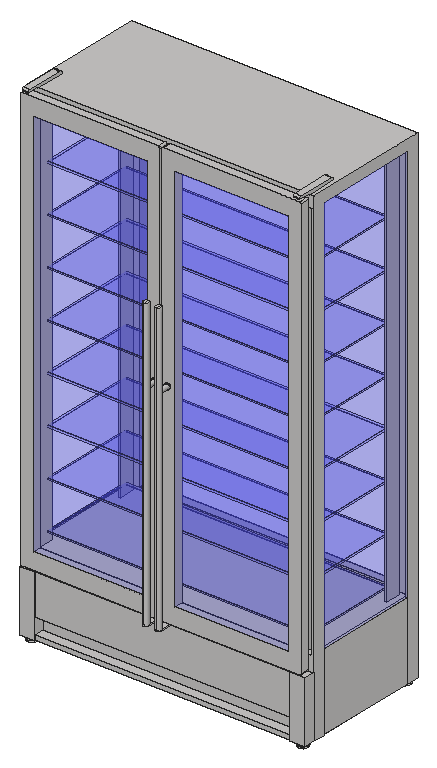
Revit family "Food-Service-Equipment_Oscartek_PIIGS1390", category Specialty Equipment, Revit 2026 (continued)
Nested families (in)
  nested 1: "ST. SL. WINE RACK" at (0.25, 0.6752, 16.26604), visible <- "Show SS Wine Rack", type "ST. SL. WINE RACK"
    with Type Mark "", Status "", Specification by User "", Revision Code "", Length 27.75", Item Number "", Installed By "", Identify Quantity as Lot yes, Furnished By "", Foodservice Equipment Identifier yes
  nested 2: "ST. SL. WINE RACK" at (54.5, 0.6752, 16.26604) x (-1, 0, 0) z (0, 0, 1), visible <- "Show SS Wine Rack", type "ST. SL. WINE RACK"
    with Type Mark "", Status "", Specification by User "", Revision Code "", Length 27.75", Item Number "", Installed By "", Identify Quantity as Lot yes, Furnished By "", Foodservice Equipment Identifier yes
  nested 3: "PLEXI GLASS WINE STRUCTURE" at (38.42517, 0, 16.26604), visible <- "Show Plexi Glass Wine Rack", type "PLEXI GLASS WINE STRUCTURE"
    with Type Mark "", Status "", Specification by User "", Revision Code "", Item Number "", Installed By "", Identify Quantity as Lot yes, Furnished By "", Foodservice Equipment Identifier yes
  nested 4: "PLEXI GLASS WINE STRUCTURE" at (16.07483, 0, 16.26604) x (-1, 0, 0) z (0, 0, 1), visible <- "Show Plexi Glass Wine Rack", type "PLEXI GLASS WINE STRUCTURE"
    with Type Mark "", Status "", Specification by User "", Revision Code "", Item Number "", Installed By "", Identify Quantity as Lot yes, Furnished By "", Foodservice Equipment Identifier yes
Connectors (in)
  piping at (49.97676, -6.90952, 0.70019), diameter 1
    settings: on Extrusion 28, index 4, connector inside diameter 1", connector length 0.00", flow factor 0, pipe flow 0 GPM, pressure drop 0.00 psi, fitting loss kfactor 0, connector angle 0.00°, fixture units 0, engagement length 0.00", angle of deflection 0.00°, flow configuration 1, flow direction 2, fitting loss method 0, system type 16, joint type 0, gender type 0, connector reference index -1, connector utility 0, adjustable connector no, is connector primary yes, connector description "DRAIN"
  piping at (4.86333, -6.90952, 0.70019), diameter 1
    settings: on Extrusion 28, index 5, connector inside diameter 1", connector length 0.00", flow factor 0, pipe flow 0 GPM, pressure drop 0.00 psi, fitting loss kfactor 0, connector angle 0.00°, fixture units 0, engagement length 0.00", angle of deflection 0.00°, flow configuration 1, flow direction 2, fitting loss method 0, system type 16, joint type 0, gender type 0, connector reference index -1, connector utility 0, adjustable connector no, is connector primary no, connector description "DRAIN"
  electrical at (27.46589, 0, 8.2905), driven by "Volts", driven by "Watts"
    settings: on Extrusion 29, index 6, voltage 220 V, apparent load 1760 VA, apparent load phase1 0 VA, apparent load phase2 0 VA, apparent load phase3 0 VA, power factor 1, load classification "Other", number of poles 1, system type 30, power factor state 1, is connector primary yes, connector utility no, sub classification motor no, connector description "ELECTRICAL CONNECTION"
Definition of nested family "ST. SL. WINE RACK"
  Parameters
    Weight in Pounds = 0
    URL Cutsheet = "www.oscartek.com"
    URL = "www.oscartek.com"
    Type Mark [instance] = ""
    Status [instance] = ""
    Specification by User [instance] = ""
    Specification by Manufacturer = ""
    Serial Number = ""
    Seismic Rating = ""
    SMACNA No = ""
    Revision Code [instance] = ""
    Omniclass Number and Title = ""
    NAFEM Spec ID Number = ""
    Model = "PIIGS702"
    Masterspec = ""
    Manufacturer = "OSCARTEK"
    Length [instance] = 27.75"
    Item Number [instance] = ""
    Installed By [instance] = ""
    Identify Quantity as Lot [instance] = yes
    Furnished By [instance] = ""
    Foodservice Equipment Identifier [instance] = yes
    Description = "STAINLESS STEEL WINE RACK"
    Default Elevation = 0.00"
    CSI MasterFormat = ""
    CSI Master Format = ""
  Reference planes (in)
    plane 1 "BACK": y = 0
    plane 2: z = 0
    plane 3 "LEFT": x = 0
    plane 4 "RIGHT": x = 27.75
    plane 5 "FRONT": y = -27.09443
    plane 6 "TOP": z = 76.61434
    plane 7 "Center Y": x = 13.875
    plane 8 "Center X": y = -13.54722
    plane 9: z = 60.59836
    plane 10 "Left Offset": x = 1.6437
    plane 11 "Right Offset": x = 26.1063
  Forms (in)
    Extrusion 1, solid
      sketch origin (103.23759, -103.23759, -15.62989) x (1, 0, 0) y (0, 0, 1)
        loop
          line (-101.0939, 17.79524) -> (-101.0939, 17.40154) -> (-77.63129, 17.40154) -> (-77.63129, 17.79524) -> (-101.0939, 17.79524)
        loop
          line (-101.0939, 76.62195) -> (-101.0939, 76.22825) -> (-77.63129, 76.22825) -> (-77.63129, 76.62195) -> (-101.0939, 76.62195)
      from -99.17263 to -80.27503
    Extrusion 2, solid
      sketch origin (26.1063, 0, -15.62989) x (0, 1, 0) y (0, 0, -1)
        loop
          line (-2.25, -92.24423) -> (-2.25, -15.62989) -> (-5.1496, -15.62989) -> (-5.1496, -92.24423) -> (-2.25, -92.24423)
        loop
          line (-24.74405, -15.62989) -> (-24.74405, -92.24423) -> (-21.81922, -92.24423) -> (-21.81922, -15.62989) -> (-24.74405, -15.62989)
      from 0 to 0.5
    Extrusion 3, solid
      sketch origin (1.6437, 0, -15.62989) x (0, 1, 0) y (0, 0, 1)
        loop
          line (-2.25, 92.24423) -> (-5.1496, 92.24423) -> (-5.1496, 15.62989) -> (-2.25, 15.62989) -> (-2.25, 92.24423)
        loop
          line (-24.74405, 15.62989) -> (-21.81922, 15.62989) -> (-21.81922, 92.24423) -> (-24.74405, 92.24423) -> (-24.74405, 15.62989)
      from 0 to 0.5
    Extrusion 4, solid
      sketch origin (0, -0.52704, -15.62989) x (0, 1, 0) y (0, 0, 1)
        loop
          circle (-3.02432, 68.04267) r 0.19677
        loop
          circle (-5.38555, 66.27175) r 0.19677
        loop
          circle (-13.02018, 68.04267) r 0.19677
        loop
          circle (-23.01604, 68.04267) r 0.19677
        loop
          circle (-20.65481, 66.27175) r 0.19677
        loop
          circle (-3.02432, 58.9913) r 0.19677
        loop
          circle (-5.38555, 57.22038) r 0.19677
        loop
          circle (-13.02018, 58.9913) r 0.19677
        loop
          circle (-23.01604, 58.9913) r 0.19677
        loop
          circle (-20.65481, 57.22038) r 0.19677
        loop
          circle (-3.02432, 49.93993) r 0.19677
        loop
          circle (-5.38555, 48.16901) r 0.19677
        loop
          circle (-13.02018, 49.93993) r 0.19677
        loop
          circle (-23.01604, 49.93993) r 0.19677
        loop
          circle (-20.65481, 48.16901) r 0.19677
        loop
          circle (-3.02432, 40.88856) r 0.19677
        loop
          circle (-5.38555, 39.11764) r 0.19677
        loop
          circle (-13.02018, 40.88856) r 0.19677
        loop
          circle (-23.01604, 40.88856) r 0.19677
        loop
          circle (-20.65481, 39.11764) r 0.19677
        loop
          circle (-3.02432, 31.8372) r 0.19677
        loop
          circle (-5.38555, 30.06628) r 0.19677
        loop
          circle (-13.02018, 31.8372) r 0.19677
        loop
          circle (-23.01604, 31.8372) r 0.19677
        loop
          circle (-20.65481, 30.06628) r 0.19677
        loop
          circle (-3.02432, 22.78583) r 0.19677
        loop
          circle (-5.38555, 21.01491) r 0.19677
        loop
          circle (-13.02018, 22.78583) r 0.19677
        loop
          circle (-23.01604, 22.78583) r 0.19677
        loop
          circle (-20.65481, 21.01491) r 0.19677
      from 2.1437 to 25.6063
    Extrusion 5, solid
      sketch origin (2.1437, 0, -15.62989) x (0, 1, 0) y (0, 0, 1)
        loop
          arc (-6.09419, 47.67188) -> (-5.9017, 47.61923) -> (-5.70395, 47.64606) r 0.5
          arc (-5.70395, 47.64606) -> (-4.72625, 48.12124) -> (-3.88488, 48.80956) r 4.6702
          line (-3.88488, 48.80956) -> (-3.88488, 48.71325)
          arc (-3.88488, 48.71325) -> (-3.84111, 48.64272) -> (-3.75848, 48.65063) r 0.07871
          arc (-3.75848, 48.65063) -> (-3.23021, 49.29086) -> (-3.04101, 50.09904) r 1.82073
          arc (-3.04101, 50.09904) -> (-3.14389, 50.3474) -> (-3.39225, 50.45028) r 0.35124
          line (-3.39225, 50.45028) -> (-3.69222, 50.42404) -> (-23.40221, 50.42404) -> (-23.70218, 50.45028)
          arc (-23.70218, 50.45028) -> (-23.95055, 50.3474) -> (-24.05342, 50.09904) r 0.35124
          arc (-24.05342, 50.09904) -> (-23.86423, 49.29086) -> (-23.33595, 48.65063) r 1.82073
          arc (-23.33595, 48.65063) -> (-23.25332, 48.64272) -> (-23.20955, 48.71325) r 0.07871
          line (-23.20955, 48.71325) -> (-23.20955, 48.80956)
          arc (-23.20955, 48.80956) -> (-22.36819, 48.12124) -> (-21.39049, 47.64606) r 4.6702
          arc (-21.39049, 47.64606) -> (-21.19274, 47.61923) -> (-21.00025, 47.67188) r 0.5
          arc (-21.00025, 47.67188) -> (-18.35049, 48.73455) -> (-15.55738, 49.32529) r 16.52537
          arc (-15.55738, 49.32529) -> (-12.90631, 49.43558) -> (-10.27177, 49.12015) r 16.52537
          arc (-10.27177, 49.12015) -> (-8.13432, 48.53636) -> (-6.09419, 47.67188) r 16.52537
        loop
          arc (-6.09419, 56.72325) -> (-5.9017, 56.6706) -> (-5.70395, 56.69743) r 0.5
          arc (-5.70395, 56.69743) -> (-4.72625, 57.1726) -> (-3.88488, 57.86093) r 4.6702
          line (-3.88488, 57.86093) -> (-3.88488, 57.76461)
          arc (-3.88488, 57.76461) -> (-3.84111, 57.69409) -> (-3.75848, 57.702) r 0.07871
          arc (-3.75848, 57.702) -> (-3.23021, 58.34222) -> (-3.04101, 59.15041) r 1.82073
          arc (-3.04101, 59.15041) -> (-3.14389, 59.39877) -> (-3.39225, 59.50165) r 0.35124
          line (-3.39225, 59.50165) -> (-3.69222, 59.4754) -> (-23.40221, 59.4754) -> (-23.70218, 59.50165)
          arc (-23.70218, 59.50165) -> (-23.95055, 59.39877) -> (-24.05342, 59.15041) r 0.35124
          arc (-24.05342, 59.15041) -> (-23.86423, 58.34222) -> (-23.33595, 57.702) r 1.82073
          arc (-23.33595, 57.702) -> (-23.25332, 57.69409) -> (-23.20955, 57.76461) r 0.07871
          line (-23.20955, 57.76461) -> (-23.20955, 57.86093)
          arc (-23.20955, 57.86093) -> (-22.36819, 57.1726) -> (-21.39049, 56.69743) r 4.6702
          arc (-21.39049, 56.69743) -> (-21.19274, 56.6706) -> (-21.00025, 56.72325) r 0.5
          arc (-21.00025, 56.72325) -> (-18.35049, 57.78591) -> (-15.55738, 58.37666) r 16.52537
          arc (-15.55738, 58.37666) -> (-12.90631, 58.48694) -> (-10.27177, 58.17152) r 16.52537
          arc (-10.27177, 58.17152) -> (-8.13432, 57.58773) -> (-6.09419, 56.72325) r 16.52537
        loop
          arc (-6.09419, 65.77462) -> (-5.9017, 65.72197) -> (-5.70395, 65.7488) r 0.5
          arc (-5.70395, 65.7488) -> (-4.72625, 66.22397) -> (-3.88488, 66.9123) r 4.6702
          line (-3.88488, 66.9123) -> (-3.88488, 66.81598)
          arc (-3.88488, 66.81598) -> (-3.84111, 66.74545) -> (-3.75848, 66.75337) r 0.07871
          arc (-3.75848, 66.75337) -> (-3.23021, 67.39359) -> (-3.04101, 68.20178) r 1.82073
          arc (-3.04101, 68.20178) -> (-3.14389, 68.45014) -> (-3.39225, 68.55302) r 0.35124
          line (-3.39225, 68.55302) -> (-3.69222, 68.52677) -> (-23.40221, 68.52677) -> (-23.70218, 68.55302)
          arc (-23.70218, 68.55302) -> (-23.95055, 68.45014) -> (-24.05342, 68.20178) r 0.35124
          arc (-24.05342, 68.20178) -> (-23.86423, 67.39359) -> (-23.33595, 66.75337) r 1.82073
          arc (-23.33595, 66.75337) -> (-23.25332, 66.74545) -> (-23.20955, 66.81598) r 0.07871
          line (-23.20955, 66.81598) -> (-23.20955, 66.9123)
          arc (-23.20955, 66.9123) -> (-22.36819, 66.22397) -> (-21.39049, 65.7488) r 4.6702
          arc (-21.39049, 65.7488) -> (-21.19274, 65.72197) -> (-21.00025, 65.77462) r 0.5
          arc (-21.00025, 65.77462) -> (-18.35049, 66.83728) -> (-15.55738, 67.42803) r 16.52537
          arc (-15.55738, 67.42803) -> (-12.90631, 67.53831) -> (-10.27177, 67.22288) r 16.52537
          arc (-10.27177, 67.22288) -> (-8.13432, 66.6391) -> (-6.09419, 65.77462) r 16.52537
        loop
          arc (-6.09419, 38.62051) -> (-5.9017, 38.56787) -> (-5.70395, 38.59469) r 0.5
          arc (-5.70395, 38.59469) -> (-4.72625, 39.06987) -> (-3.88488, 39.7582) r 4.6702
          line (-3.88488, 39.7582) -> (-3.88488, 39.66188)
          arc (-3.88488, 39.66188) -> (-3.84111, 39.59135) -> (-3.75848, 39.59927) r 0.07871
          arc (-3.75848, 39.59927) -> (-3.23021, 40.23949) -> (-3.04101, 41.04767) r 1.82073
          arc (-3.04101, 41.04767) -> (-3.14389, 41.29604) -> (-3.39225, 41.39891) r 0.35124
          line (-3.39225, 41.39891) -> (-3.69222, 41.37267) -> (-23.40221, 41.37267) -> (-23.70218, 41.39891)
          arc (-23.70218, 41.39891) -> (-23.95055, 41.29604) -> (-24.05342, 41.04767) r 0.35124
          arc (-24.05342, 41.04767) -> (-23.86423, 40.23949) -> (-23.33595, 39.59927) r 1.82073
          arc (-23.33595, 39.59927) -> (-23.25332, 39.59135) -> (-23.20955, 39.66188) r 0.07871
          line (-23.20955, 39.66188) -> (-23.20955, 39.7582)
          arc (-23.20955, 39.7582) -> (-22.36819, 39.06987) -> (-21.39049, 38.59469) r 4.6702
          arc (-21.39049, 38.59469) -> (-21.19274, 38.56787) -> (-21.00025, 38.62051) r 0.5
          arc (-21.00025, 38.62051) -> (-18.35049, 39.68318) -> (-15.55738, 40.27393) r 16.52537
          arc (-15.55738, 40.27393) -> (-12.90631, 40.38421) -> (-10.27177, 40.06878) r 16.52537
          arc (-10.27177, 40.06878) -> (-8.13432, 39.485) -> (-6.09419, 38.62051) r 16.52537
        loop
          arc (-6.09419, 29.56915) -> (-5.9017, 29.5165) -> (-5.70395, 29.54333) r 0.5
          arc (-5.70395, 29.54333) -> (-4.72625, 30.0185) -> (-3.88488, 30.70683) r 4.6702
          line (-3.88488, 30.70683) -> (-3.88488, 30.61051)
          arc (-3.88488, 30.61051) -> (-3.84111, 30.53998) -> (-3.75848, 30.5479) r 0.07871
          arc (-3.75848, 30.5479) -> (-3.23021, 31.18812) -> (-3.04101, 31.99631) r 1.82073
          arc (-3.04101, 31.99631) -> (-3.14389, 32.24467) -> (-3.39225, 32.34755) r 0.35124
          line (-3.39225, 32.34755) -> (-3.69222, 32.3213) -> (-23.40221, 32.3213) -> (-23.70218, 32.34755)
          arc (-23.70218, 32.34755) -> (-23.95055, 32.24467) -> (-24.05342, 31.99631) r 0.35124
          arc (-24.05342, 31.99631) -> (-23.86423, 31.18812) -> (-23.33595, 30.5479) r 1.82073
          arc (-23.33595, 30.5479) -> (-23.25332, 30.53998) -> (-23.20955, 30.61051) r 0.07871
          line (-23.20955, 30.61051) -> (-23.20955, 30.70683)
          arc (-23.20955, 30.70683) -> (-22.36819, 30.0185) -> (-21.39049, 29.54333) r 4.6702
          arc (-21.39049, 29.54333) -> (-21.19274, 29.5165) -> (-21.00025, 29.56915) r 0.5
          arc (-21.00025, 29.56915) -> (-18.35049, 30.63181) -> (-15.55738, 31.22256) r 16.52537
          arc (-15.55738, 31.22256) -> (-12.90631, 31.33284) -> (-10.27177, 31.01741) r 16.52537
          arc (-10.27177, 31.01741) -> (-8.13432, 30.43363) -> (-6.09419, 29.56915) r 16.52537
        loop
          arc (-6.09419, 20.51778) -> (-5.9017, 20.46513) -> (-5.70395, 20.49196) r 0.5
          arc (-5.70395, 20.49196) -> (-4.72625, 20.96713) -> (-3.88488, 21.65546) r 4.6702
          line (-3.88488, 21.65546) -> (-3.88488, 21.55915)
          arc (-3.88488, 21.55915) -> (-3.84111, 21.48862) -> (-3.75848, 21.49653) r 0.07871
          arc (-3.75848, 21.49653) -> (-3.23021, 22.13675) -> (-3.04101, 22.94494) r 1.82073
          arc (-3.04101, 22.94494) -> (-3.14389, 23.1933) -> (-3.39225, 23.29618) r 0.35124
          line (-3.39225, 23.29618) -> (-3.69222, 23.26994) -> (-23.40221, 23.26994) -> (-23.70218, 23.29618)
          arc (-23.70218, 23.29618) -> (-23.95055, 23.1933) -> (-24.05342, 22.94494) r 0.35124
          arc (-24.05342, 22.94494) -> (-23.86423, 22.13675) -> (-23.33595, 21.49653) r 1.82073
          arc (-23.33595, 21.49653) -> (-23.25332, 21.48862) -> (-23.20955, 21.55915) r 0.07871
          line (-23.20955, 21.55915) -> (-23.20955, 21.65546)
          arc (-23.20955, 21.65546) -> (-22.36819, 20.96713) -> (-21.39049, 20.49196) r 4.6702
          arc (-21.39049, 20.49196) -> (-21.19274, 20.46513) -> (-21.00025, 20.51778) r 0.5
          arc (-21.00025, 20.51778) -> (-18.35049, 21.58044) -> (-15.55738, 22.17119) r 16.52537
          arc (-15.55738, 22.17119) -> (-12.90631, 22.28148) -> (-10.27177, 21.96605) r 16.52537
          arc (-10.27177, 21.96605) -> (-8.13432, 21.38226) -> (-6.09419, 20.51778) r 16.52537
        loop
          circle (-3.55136, 68.04267) r 0.19677
        loop
          circle (-5.91259, 66.27175) r 0.19677
        loop
          circle (-13.54722, 68.04267) r 0.19677
        loop
          circle (-23.54307, 68.04267) r 0.19677
        loop
          circle (-21.18185, 66.27175) r 0.19677
        loop
          circle (-3.55136, 58.9913) r 0.19677
        loop
          circle (-5.91259, 57.22038) r 0.19677
        loop
          circle (-13.54722, 58.9913) r 0.19677
        loop
          circle (-23.54307, 58.9913) r 0.19677
        loop
          circle (-21.18185, 57.22038) r 0.19677
        loop
          circle (-3.55136, 49.93993) r 0.19677
        loop
          circle (-5.91259, 48.16901) r 0.19677
        loop
          circle (-13.54722, 49.93993) r 0.19677
        loop
          circle (-23.54307, 49.93993) r 0.19677
        loop
          circle (-21.18185, 48.16901) r 0.19677
        loop
          circle (-3.55136, 40.88856) r 0.19677
        loop
          circle (-5.91259, 39.11764) r 0.19677
        loop
          circle (-13.54722, 40.88856) r 0.19677
        loop
          circle (-23.54307, 40.88856) r 0.19677
        loop
          circle (-21.18185, 39.11764) r 0.19677
        loop
          circle (-3.55136, 31.8372) r 0.19677
        loop
          circle (-5.91259, 30.06628) r 0.19677
        loop
          circle (-13.54722, 31.8372) r 0.19677
        loop
          circle (-23.54307, 31.8372) r 0.19677
        loop
          circle (-21.18185, 30.06628) r 0.19677
        loop
          circle (-3.55136, 22.78583) r 0.19677
        loop
          circle (-5.91259, 21.01491) r 0.19677
        loop
          circle (-13.54722, 22.78583) r 0.19677
        loop
          circle (-23.54307, 22.78583) r 0.19677
        loop
          circle (-21.18185, 21.01491) r 0.19677
      from 0 to 0.13
    Extrusion 6, solid
      sketch origin (25.6063, 0, -15.62989) x (0, 1, 0) y (0, 0, -1)
        loop
          arc (-6.09419, -47.67188) -> (-8.13432, -48.53636) -> (-10.27177, -49.12015) r 16.52537
          arc (-10.27177, -49.12015) -> (-12.90631, -49.43558) -> (-15.55738, -49.32529) r 16.52537
          arc (-15.55738, -49.32529) -> (-18.35049, -48.73455) -> (-21.00025, -47.67188) r 16.52537
          arc (-21.00025, -47.67188) -> (-21.19274, -47.61923) -> (-21.39049, -47.64606) r 0.5
          arc (-21.39049, -47.64606) -> (-22.36819, -48.12124) -> (-23.20955, -48.80956) r 4.6702
          line (-23.20955, -48.80956) -> (-23.20955, -48.71325)
          arc (-23.20955, -48.71325) -> (-23.25332, -48.64272) -> (-23.33595, -48.65063) r 0.07871
          arc (-23.33595, -48.65063) -> (-23.86423, -49.29086) -> (-24.05342, -50.09904) r 1.82073
          arc (-24.05342, -50.09904) -> (-23.95055, -50.3474) -> (-23.70218, -50.45028) r 0.35124
          line (-23.70218, -50.45028) -> (-23.40221, -50.42404) -> (-3.69222, -50.42404) -> (-3.39225, -50.45028)
          arc (-3.39225, -50.45028) -> (-3.14389, -50.3474) -> (-3.04101, -50.09904) r 0.35124
          arc (-3.04101, -50.09904) -> (-3.23021, -49.29086) -> (-3.75848, -48.65063) r 1.82073
          arc (-3.75848, -48.65063) -> (-3.84111, -48.64272) -> (-3.88488, -48.71325) r 0.07871
          line (-3.88488, -48.71325) -> (-3.88488, -48.80956)
          arc (-3.88488, -48.80956) -> (-4.72625, -48.12124) -> (-5.70395, -47.64606) r 4.6702
          arc (-5.70395, -47.64606) -> (-5.9017, -47.61923) -> (-6.09419, -47.67188) r 0.5
        loop
          arc (-6.09419, -56.72325) -> (-8.13432, -57.58773) -> (-10.27177, -58.17152) r 16.52537
          arc (-10.27177, -58.17152) -> (-12.90631, -58.48694) -> (-15.55738, -58.37666) r 16.52537
          arc (-15.55738, -58.37666) -> (-18.35049, -57.78591) -> (-21.00025, -56.72325) r 16.52537
          arc (-21.00025, -56.72325) -> (-21.19274, -56.6706) -> (-21.39049, -56.69743) r 0.5
          arc (-21.39049, -56.69743) -> (-22.36819, -57.1726) -> (-23.20955, -57.86093) r 4.6702
          line (-23.20955, -57.86093) -> (-23.20955, -57.76461)
          arc (-23.20955, -57.76461) -> (-23.25332, -57.69409) -> (-23.33595, -57.702) r 0.07871
          arc (-23.33595, -57.702) -> (-23.86423, -58.34222) -> (-24.05342, -59.15041) r 1.82073
          arc (-24.05342, -59.15041) -> (-23.95055, -59.39877) -> (-23.70218, -59.50165) r 0.35124
          line (-23.70218, -59.50165) -> (-23.40221, -59.4754) -> (-3.69222, -59.4754) -> (-3.39225, -59.50165)
          arc (-3.39225, -59.50165) -> (-3.14389, -59.39877) -> (-3.04101, -59.15041) r 0.35124
          arc (-3.04101, -59.15041) -> (-3.23021, -58.34222) -> (-3.75848, -57.702) r 1.82073
          arc (-3.75848, -57.702) -> (-3.84111, -57.69409) -> (-3.88488, -57.76461) r 0.07871
          line (-3.88488, -57.76461) -> (-3.88488, -57.86093)
          arc (-3.88488, -57.86093) -> (-4.72625, -57.1726) -> (-5.70395, -56.69743) r 4.6702
          arc (-5.70395, -56.69743) -> (-5.9017, -56.6706) -> (-6.09419, -56.72325) r 0.5
        loop
          arc (-6.09419, -65.77462) -> (-8.13432, -66.6391) -> (-10.27177, -67.22288) r 16.52537
          arc (-10.27177, -67.22288) -> (-12.90631, -67.53831) -> (-15.55738, -67.42803) r 16.52537
          arc (-15.55738, -67.42803) -> (-18.35049, -66.83728) -> (-21.00025, -65.77462) r 16.52537
          arc (-21.00025, -65.77462) -> (-21.19274, -65.72197) -> (-21.39049, -65.7488) r 0.5
          arc (-21.39049, -65.7488) -> (-22.36819, -66.22397) -> (-23.20955, -66.9123) r 4.6702
          line (-23.20955, -66.9123) -> (-23.20955, -66.81598)
          arc (-23.20955, -66.81598) -> (-23.25332, -66.74545) -> (-23.33595, -66.75337) r 0.07871
          arc (-23.33595, -66.75337) -> (-23.86423, -67.39359) -> (-24.05342, -68.20178) r 1.82073
          arc (-24.05342, -68.20178) -> (-23.95055, -68.45014) -> (-23.70218, -68.55302) r 0.35124
          line (-23.70218, -68.55302) -> (-23.40221, -68.52677) -> (-3.69222, -68.52677) -> (-3.39225, -68.55302)
          arc (-3.39225, -68.55302) -> (-3.14389, -68.45014) -> (-3.04101, -68.20178) r 0.35124
          arc (-3.04101, -68.20178) -> (-3.23021, -67.39359) -> (-3.75848, -66.75337) r 1.82073
          arc (-3.75848, -66.75337) -> (-3.84111, -66.74545) -> (-3.88488, -66.81598) r 0.07871
          line (-3.88488, -66.81598) -> (-3.88488, -66.9123)
          arc (-3.88488, -66.9123) -> (-4.72625, -66.22397) -> (-5.70395, -65.7488) r 4.6702
          arc (-5.70395, -65.7488) -> (-5.9017, -65.72197) -> (-6.09419, -65.77462) r 0.5
        loop
          arc (-6.09419, -38.62051) -> (-8.13432, -39.485) -> (-10.27177, -40.06878) r 16.52537
          arc (-10.27177, -40.06878) -> (-12.90631, -40.38421) -> (-15.55738, -40.27393) r 16.52537
          arc (-15.55738, -40.27393) -> (-18.35049, -39.68318) -> (-21.00025, -38.62051) r 16.52537
          arc (-21.00025, -38.62051) -> (-21.19274, -38.56787) -> (-21.39049, -38.59469) r 0.5
          arc (-21.39049, -38.59469) -> (-22.36819, -39.06987) -> (-23.20955, -39.7582) r 4.6702
          line (-23.20955, -39.7582) -> (-23.20955, -39.66188)
          arc (-23.20955, -39.66188) -> (-23.25332, -39.59135) -> (-23.33595, -39.59927) r 0.07871
          arc (-23.33595, -39.59927) -> (-23.86423, -40.23949) -> (-24.05342, -41.04767) r 1.82073
          arc (-24.05342, -41.04767) -> (-23.95055, -41.29604) -> (-23.70218, -41.39891) r 0.35124
          line (-23.70218, -41.39891) -> (-23.40221, -41.37267) -> (-3.69222, -41.37267) -> (-3.39225, -41.39891)
          arc (-3.39225, -41.39891) -> (-3.14389, -41.29604) -> (-3.04101, -41.04767) r 0.35124
          arc (-3.04101, -41.04767) -> (-3.23021, -40.23949) -> (-3.75848, -39.59927) r 1.82073
          arc (-3.75848, -39.59927) -> (-3.84111, -39.59135) -> (-3.88488, -39.66188) r 0.07871
          line (-3.88488, -39.66188) -> (-3.88488, -39.7582)
          arc (-3.88488, -39.7582) -> (-4.72625, -39.06987) -> (-5.70395, -38.59469) r 4.6702
          arc (-5.70395, -38.59469) -> (-5.9017, -38.56787) -> (-6.09419, -38.62051) r 0.5
        loop
          arc (-6.09419, -29.56915) -> (-8.13432, -30.43363) -> (-10.27177, -31.01741) r 16.52537
          arc (-10.27177, -31.01741) -> (-12.90631, -31.33284) -> (-15.55738, -31.22256) r 16.52537
          arc (-15.55738, -31.22256) -> (-18.35049, -30.63181) -> (-21.00025, -29.56915) r 16.52537
          arc (-21.00025, -29.56915) -> (-21.19274, -29.5165) -> (-21.39049, -29.54333) r 0.5
          arc (-21.39049, -29.54333) -> (-22.36819, -30.0185) -> (-23.20955, -30.70683) r 4.6702
          line (-23.20955, -30.70683) -> (-23.20955, -30.61051)
          arc (-23.20955, -30.61051) -> (-23.25332, -30.53998) -> (-23.33595, -30.5479) r 0.07871
          arc (-23.33595, -30.5479) -> (-23.86423, -31.18812) -> (-24.05342, -31.99631) r 1.82073
          arc (-24.05342, -31.99631) -> (-23.95055, -32.24467) -> (-23.70218, -32.34755) r 0.35124
          line (-23.70218, -32.34755) -> (-23.40221, -32.3213) -> (-3.69222, -32.3213) -> (-3.39225, -32.34755)
          arc (-3.39225, -32.34755) -> (-3.14389, -32.24467) -> (-3.04101, -31.99631) r 0.35124
          arc (-3.04101, -31.99631) -> (-3.23021, -31.18812) -> (-3.75848, -30.5479) r 1.82073
          arc (-3.75848, -30.5479) -> (-3.84111, -30.53998) -> (-3.88488, -30.61051) r 0.07871
          line (-3.88488, -30.61051) -> (-3.88488, -30.70683)
          arc (-3.88488, -30.70683) -> (-4.72625, -30.0185) -> (-5.70395, -29.54333) r 4.6702
          arc (-5.70395, -29.54333) -> (-5.9017, -29.5165) -> (-6.09419, -29.56915) r 0.5
        loop
          arc (-6.09419, -20.51778) -> (-8.13432, -21.38226) -> (-10.27177, -21.96605) r 16.52537
          arc (-10.27177, -21.96605) -> (-12.90631, -22.28148) -> (-15.55738, -22.17119) r 16.52537
          arc (-15.55738, -22.17119) -> (-18.35049, -21.58044) -> (-21.00025, -20.51778) r 16.52537
          arc (-21.00025, -20.51778) -> (-21.19274, -20.46513) -> (-21.39049, -20.49196) r 0.5
          arc (-21.39049, -20.49196) -> (-22.36819, -20.96713) -> (-23.20955, -21.65546) r 4.6702
          line (-23.20955, -21.65546) -> (-23.20955, -21.55915)
          arc (-23.20955, -21.55915) -> (-23.25332, -21.48862) -> (-23.33595, -21.49653) r 0.07871
          arc (-23.33595, -21.49653) -> (-23.86423, -22.13675) -> (-24.05342, -22.94494) r 1.82073
          arc (-24.05342, -22.94494) -> (-23.95055, -23.1933) -> (-23.70218, -23.29618) r 0.35124
          line (-23.70218, -23.29618) -> (-23.40221, -23.26994) -> (-3.69222, -23.26994) -> (-3.39225, -23.29618)
          arc (-3.39225, -23.29618) -> (-3.14389, -23.1933) -> (-3.04101, -22.94494) r 0.35124
          arc (-3.04101, -22.94494) -> (-3.23021, -22.13675) -> (-3.75848, -21.49653) r 1.82073
          arc (-3.75848, -21.49653) -> (-3.84111, -21.48862) -> (-3.88488, -21.55915) r 0.07871
          line (-3.88488, -21.55915) -> (-3.88488, -21.65546)
          arc (-3.88488, -21.65546) -> (-4.72625, -20.96713) -> (-5.70395, -20.49196) r 4.6702
          arc (-5.70395, -20.49196) -> (-5.9017, -20.46513) -> (-6.09419, -20.51778) r 0.5
        loop
          circle (-3.55136, -68.04267) r 0.19677
        loop
          circle (-5.91259, -66.27175) r 0.19677
        loop
          circle (-13.54722, -68.04267) r 0.19677
        loop
          circle (-23.54307, -68.04267) r 0.19677
        loop
          circle (-21.18185, -66.27175) r 0.19677
        loop
          circle (-3.55136, -58.9913) r 0.19677
        loop
          circle (-5.91259, -57.22038) r 0.19677
        loop
          circle (-13.54722, -58.9913) r 0.19677
        loop
          circle (-23.54307, -58.9913) r 0.19677
        loop
          circle (-21.18185, -57.22038) r 0.19677
        loop
          circle (-3.55136, -49.93993) r 0.19677
        loop
          circle (-5.91259, -48.16901) r 0.19677
        loop
          circle (-13.54722, -49.93993) r 0.19677
        loop
          circle (-23.54307, -49.93993) r 0.19677
        loop
          circle (-21.18185, -48.16901) r 0.19677
        loop
          circle (-3.55136, -40.88856) r 0.19677
        loop
          circle (-5.91259, -39.11764) r 0.19677
        loop
          circle (-13.54722, -40.88856) r 0.19677
        loop
          circle (-23.54307, -40.88856) r 0.19677
        loop
          circle (-21.18185, -39.11764) r 0.19677
        loop
          circle (-3.55136, -31.8372) r 0.19677
        loop
          circle (-5.91259, -30.06628) r 0.19677
        loop
          circle (-13.54722, -31.8372) r 0.19677
        loop
          circle (-23.54307, -31.8372) r 0.19677
        loop
          circle (-21.18185, -30.06628) r 0.19677
        loop
          circle (-3.55136, -22.78583) r 0.19677
        loop
          circle (-5.91259, -21.01491) r 0.19677
        loop
          circle (-13.54722, -22.78583) r 0.19677
        loop
          circle (-23.54307, -22.78583) r 0.19677
        loop
          circle (-21.18185, -21.01491) r 0.19677
      from 0 to 0.13
  Lines and regions (in)
    symbolic lines
      curve 1: line (1.6437, -2.25, 0.95111) -> (2.1437, -2.25, 0.95111)
      curve 2: line (1.6437, -5.1496, 0.95111) -> (1.6437, -2.25, 0.95111)
      curve 3: line (2.1437, -5.1496, 0.95111) -> (1.6437, -5.1496, 0.95111)
      curve 4: line (2.1437, -2.25, 0.95111) -> (2.1437, -5.1496, 0.95111)
      curve 5: line (1.6437, -24.71882, 0.95111) -> (2.1437, -24.71882, 0.95111)
      curve 6: line (1.6437, -21.81922, 0.95111) -> (1.6437, -24.71882, 0.95111)
      curve 7: line (2.1437, -21.81922, 0.95111) -> (1.6437, -21.81922, 0.95111)
      curve 8: line (2.1437, -24.71882, 0.95111) -> (2.1437, -21.81922, 0.95111)
      curve 9: line (26.1063, -2.25, 0.95111) -> (25.6063, -2.25, 0.95111)
      curve 10: line (26.1063, -5.1496, 0.95111) -> (26.1063, -2.25, 0.95111)
      curve 11: line (25.6063, -5.1496, 0.95111) -> (26.1063, -5.1496, 0.95111)
      curve 12: line (25.6063, -2.25, 0.95111) -> (25.6063, -5.1496, 0.95111)
      curve 13: line (26.1063, -24.71882, 0.95111) -> (25.6063, -24.71882, 0.95111)
      curve 14: line (26.1063, -21.81922, 0.95111) -> (26.1063, -24.71882, 0.95111)
      curve 15: line (25.6063, -21.81922, 0.95111) -> (26.1063, -21.81922, 0.95111)
      curve 16: line (25.6063, -24.71882, 0.95111) -> (25.6063, -21.81922, 0.95111)
  Dimensions and locks (in)
    equal spacing: plane 3 "LEFT", plane 7 "Center Y", plane 4 "RIGHT"
    "Length": plane 3 "LEFT" to plane 4 "RIGHT"
    equal spacing: plane 5 "FRONT", plane 8 "Center X", plane 1 "BACK"
    plane 5 "FRONT" to plane 1 "BACK" = 27.09443"
    plane 6 "TOP" to level = 76.61434"
    locked: plane 3 "LEFT" to plane 10 "Left Offset" at 1.6437
    locked: plane 11 "Right Offset" to plane 4 "RIGHT" at 1.6437
    locked: Extrusion 2 to plane 11 "Right Offset" at 0.5
    aligned and locked: level to plane 2
    aligned and locked: Extrusion 1 to Extrusion 2  (x2)
    aligned and locked: Extrusion 4 to Extrusion 2
    aligned and locked: plane 11 "Right Offset" to Extrusion 2
    aligned and locked: Extrusion 2 to plane 11 "Right Offset"
  Automatic sketch dimensions
    Extrusion 2 sketch curve to plane 5 "FRONT" = 2.35038"
    Extrusion 2 sketch curve to Extrusion 2 sketch curve = 2.92483"
    plane 1 "BACK" to Extrusion 2 sketch curve = 5.1496"
    plane 1 "BACK" to Extrusion 2 sketch curve = 2.25"
    Extrusion 2 sketch curve to plane 6 "TOP" = 0.00"  (x2)
    Extrusion 3 sketch curve to plane 5 "FRONT" = 2.35038"
    Extrusion 3 sketch curve to Extrusion 3 sketch curve = 2.92483"
    plane 1 "BACK" to Extrusion 3 sketch curve = 5.1496"
    plane 1 "BACK" to Extrusion 3 sketch curve = 2.25"
    Extrusion 3 sketch curve to plane 6 "TOP" = 0.00"  (x2)
    Extrusion 4 sketch curve to plane 5 "FRONT" = 3.55136"  (x6)
    Extrusion 4 sketch curve to Extrusion 4 sketch curve = 2.36123"  (x12)
    plane 8 "Center X" to Extrusion 4 sketch curve = 0.00"  (x6)
    plane 1 "BACK" to Extrusion 4 sketch curve = 5.91259"  (x6)
    Extrusion 4 sketch curve to Extrusion 4 sketch curve = 0.00"
    Extrusion 4 sketch curve to Extrusion 4 sketch curve = 1.77092"  (x18)
    Extrusion 4 sketch curve to Extrusion 4 sketch curve = 7.28045"  (x10)
    Extrusion 5 sketch curve to Extrusion 5 sketch curve = 0.00"  (x145)
    Extrusion 5 sketch curve to Extrusion 3 = 0.69063"  (x6)
    Extrusion 5 sketch curve to Extrusion 5 sketch curve = 0.31358"  (x6)
    Extrusion 5 sketch curve to Extrusion 5 sketch curve = 0.35124"  (x2)
    Extrusion 5 sketch curve to Extrusion 5 sketch curve = 0.03766"  (x6)
    Extrusion 5 sketch curve to Extrusion 5 sketch curve = 0.19677"  (x27)
    Extrusion 5 sketch curve to Extrusion 5 sketch curve = 0.29997"  (x10)
    Extrusion 5 sketch curve to Extrusion 3 = 1.51673"  (x6)
    Extrusion 5 sketch curve to Extrusion 5 sketch curve = 0.04769"  (x12)
    Extrusion 5 sketch curve to Extrusion 5 sketch curve = 0.07871"  (x12)
    Extrusion 3 to Extrusion 5 sketch curve = 0.42873"  (x6)
    Extrusion 5 sketch curve to Extrusion 5 sketch curve = 0.01187"  (x6)
    Extrusion 5 sketch curve to Extrusion 5 sketch curve = 0.15287"  (x6)
    Extrusion 5 sketch curve to Extrusion 5 sketch curve = 0.0439"  (x12)
    Extrusion 5 sketch curve to Extrusion 5 sketch curve = 0.39024"  (x6)
    Extrusion 3 to Extrusion 5 sketch curve = 1.96745"  (x6)
    Extrusion 5 sketch curve to Extrusion 5 sketch curve = 4.29439"  (x6)
    Extrusion 5 sketch curve to Extrusion 5 sketch curve = 1.81339"  (x6)
    Extrusion 3 to Extrusion 5 sketch curve = 0.80999"
    Extrusion 5 sketch curve to Extrusion 5 sketch curve = 2.01016"
    Extrusion 3 to Extrusion 5 sketch curve = 8.39762"
    Extrusion 5 sketch curve to Extrusion 5 sketch curve = 3.07868"  (x6)
    Extrusion 3 to Extrusion 5 sketch curve = 2.09306"  (x6)
    Extrusion 3 to Extrusion 5 sketch curve = 0.95976"  (x6)
    Extrusion 3 to Extrusion 5 sketch curve = 0.94459"  (x6)
    Extrusion 3 to Extrusion 5 sketch curve = 0.55435"  (x6)
    Extrusion 5 sketch curve to Extrusion 3 = 0.28786"  (x6)
    Extrusion 5 sketch curve to Extrusion 3 = 1.63488"  (x6)
    Extrusion 5 sketch curve to Extrusion 5 sketch curve = 0.70712"  (x6)
    Extrusion 5 sketch curve to Extrusion 5 sketch curve = 0.05591"  (x6)
    Extrusion 5 sketch curve to Extrusion 5 sketch curve = 9.05137"
    Extrusion 5 sketch curve to Extrusion 3 = 4.86207"
    Extrusion 5 sketch curve to Extrusion 5 sketch curve = 0.05087"  (x12)
    Extrusion 5 sketch curve to Extrusion 5 sketch curve = 0.15893"  (x12)
    Extrusion 5 sketch curve to Extrusion 5 sketch curve = 0.15911"  (x12)
    Extrusion 5 sketch curve to Extrusion 5 sketch curve = 0.61464"  (x6)
    Extrusion 5 sketch curve to Extrusion 5 sketch curve = 0.02624"  (x6)
    Extrusion 5 sketch curve to Extrusion 5 sketch curve = 1.08544"  (x4)
    Extrusion 5 sketch curve to Extrusion 5 sketch curve = 4.64194"  (x4)
    Extrusion 5 sketch curve to Extrusion 5 sketch curve = 4.64193"
    level to Extrusion 2 sketch curve = 0.00"  (x2)
    level to Extrusion 3 sketch curve = 0.00"  (x2)
    level to Extrusion 4 sketch curve = 5.38502"
    curve 9 to plane 11 "Right Offset" = 0.00"
    curve 15 to plane 11 "Right Offset" = 0.00"
    curve 6 to plane 10 "Left Offset" = 0.00"
    curve 3 to plane 10 "Left Offset" = 0.00"
    curve 12 to plane 11 "Right Offset" = 0.50"
    curve 15 to plane 11 "Right Offset" = 0.50"
    curve 8 to plane 10 "Left Offset" = 0.50"
    curve 1 to plane 10 "Left Offset" = 0.50"
    plane 1 "BACK" to curve 1 = 2.25"
    plane 1 "BACK" to curve 12 = 2.25"
    curve 9 to curve 11 = 2.8996"
    curve 1 to curve 2 = 2.8996"
    curve 14 to plane 5 "FRONT" = 5.27521"
    curve 7 to plane 5 "FRONT" = 5.27521"
    curve 13 to plane 5 "FRONT" = 2.37561"
    curve 8 to plane 5 "FRONT" = 2.37561"
    Extrusion 1 sketch curve to plane 9 = 0.00"
    Extrusion 1 sketch curve to plane 10 "Left Offset" = 0.50"  (x2)
    Extrusion 1 sketch curve to plane 11 "Right Offset" = 0.50"  (x2)
    level to Extrusion 1 sketch curve = 2.16535"
    Extrusion 1 sketch curve to Extrusion 1 sketch curve = 0.3937"  (x2)
    Extrusion 6 sketch curve to Extrusion 6 sketch curve = 0.00"  (x145)
    Extrusion 6 sketch curve to Extrusion 2 = 0.69063"  (x6)
    Extrusion 6 sketch curve to Extrusion 6 sketch curve = 0.31358"  (x6)
    Extrusion 6 sketch curve to Extrusion 6 sketch curve = 0.35124"  (x2)
    Extrusion 6 sketch curve to Extrusion 6 sketch curve = 0.03766"  (x6)
    Extrusion 6 sketch curve to Extrusion 6 sketch curve = 0.19677"  (x27)
    Extrusion 6 sketch curve to Extrusion 6 sketch curve = 0.29997"  (x10)
    Extrusion 6 sketch curve to Extrusion 2 = 1.51673"  (x6)
    Extrusion 6 sketch curve to Extrusion 6 sketch curve = 0.04769"  (x12)
    Extrusion 6 sketch curve to Extrusion 6 sketch curve = 0.07871"  (x12)
    Extrusion 2 to Extrusion 6 sketch curve = 0.42873"  (x6)
    Extrusion 6 sketch curve to Extrusion 6 sketch curve = 0.01187"  (x6)
    Extrusion 6 sketch curve to Extrusion 6 sketch curve = 0.15287"  (x6)
    Extrusion 6 sketch curve to Extrusion 6 sketch curve = 0.0439"  (x12)
    Extrusion 6 sketch curve to Extrusion 6 sketch curve = 0.39024"  (x6)
    Extrusion 2 to Extrusion 6 sketch curve = 1.96745"  (x6)
    Extrusion 6 sketch curve to Extrusion 6 sketch curve = 4.29439"  (x6)
    Extrusion 6 sketch curve to Extrusion 6 sketch curve = 1.81339"  (x6)
    Extrusion 2 to Extrusion 6 sketch curve = 0.80999"
    Extrusion 6 sketch curve to Extrusion 6 sketch curve = 2.01016"
    Extrusion 2 to Extrusion 6 sketch curve = 8.39762"
    Extrusion 6 sketch curve to Extrusion 6 sketch curve = 3.07868"  (x6)
    Extrusion 2 to Extrusion 6 sketch curve = 2.09306"  (x6)
    Extrusion 2 to Extrusion 6 sketch curve = 0.95976"  (x6)
    Extrusion 2 to Extrusion 6 sketch curve = 0.94459"  (x6)
    Extrusion 2 to Extrusion 6 sketch curve = 0.55435"  (x6)
    Extrusion 6 sketch curve to Extrusion 2 = 0.28786"  (x6)
    Extrusion 6 sketch curve to Extrusion 2 = 1.63488"  (x6)
    Extrusion 6 sketch curve to Extrusion 6 sketch curve = 0.70712"  (x6)
    Extrusion 6 sketch curve to Extrusion 6 sketch curve = 0.05591"  (x6)
    Extrusion 6 sketch curve to Extrusion 2 = 4.86207"
    Extrusion 6 sketch curve to Extrusion 6 sketch curve = 0.02582"
    Extrusion 6 sketch curve to Extrusion 6 sketch curve = 0.05087"  (x12)
    Extrusion 6 sketch curve to Extrusion 6 sketch curve = 0.15893"  (x12)
    Extrusion 6 sketch curve to Extrusion 6 sketch curve = 0.61464"  (x6)
    Extrusion 6 sketch curve to Extrusion 6 sketch curve = 0.15911"  (x12)
    Extrusion 6 sketch curve to Extrusion 6 sketch curve = 0.02624"  (x6)
    Extrusion 6 sketch curve to Extrusion 6 sketch curve = 1.08544"  (x4)
    Extrusion 6 sketch curve to Extrusion 6 sketch curve = 4.64194"  (x4)
    Extrusion 6 sketch curve to Extrusion 6 sketch curve = 4.64193"
    radius of Extrusion 4 sketch curve = 0.19677"  (x30)
Definition of nested family "PLEXI GLASS WINE STRUCTURE"
  Parameters
    Weight in Pounds = 0
    URL Cutsheet = ""
    URL = ""
    Type Mark [instance] = ""
    Status [instance] = ""
    Specification by User [instance] = ""
    Specification by Manufacturer = ""
    Serial Number = ""
    Seismic Rating = ""
    SMACNA No = ""
    Revision Code [instance] = ""
    Omniclass Number and Title = ""
    NAFEM Spec ID Number = ""
    Model = ""
    Masterspec = ""
    Manufacturer = ""
    Item Number [instance] = ""
    Installed By [instance] = ""
    Identify Quantity as Lot [instance] = yes
    Furnished By [instance] = ""
    Foodservice Equipment Identifier [instance] = yes
    Description = ""
    Default Elevation = 0.00"
    CSI MasterFormat = ""
    CSI Master Format = ""
  Reference planes (in)
    plane 1 "BACK": y = 0
    plane 2: z = 0
    plane 3 "LEFT": x = 0
    plane 4 "RIGHT": x = 5
    plane 5 "FRONT": y = -27.09443
    plane 6 "TOP": z = 74.18489
    plane 7 "Center Y": x = 7.5
    plane 8 "Center X": y = -13.54722
    plane 9: x = 2.5
  Forms (in)
    Extrusion 1, solid
      sketch origin (0, 0, -15.62989) x (0, 1, 0) y (0, 0, 1)
        loop
          line (-21.81922, 15.62989) -> (-5.27558, 15.62989) -> (-5.27558, 19.34248) -> (-21.81922, 19.34248) -> (-21.81922, 15.62989)
      from 0 to 0.5
    Extrusion 2, solid
      sketch origin (5, -2.71336, -15.62989) x (0, 1, 0) y (0, 0, 1)
        loop
          arc (-16.83359, 89.81478) -> (-17.05631, 89.72253) -> (-17.14856, 89.49982) r 0.31497
          line (-17.14856, 89.49982) -> (-17.14856, 24.46058)
          arc (-17.14856, 24.46058) -> (-17.49461, 23.6253) -> (-18.32999, 23.27948) r 1.1811
          line (-18.32999, 23.27948) -> (-19.62887, 23.27948)
          arc (-19.62887, 23.27948) -> (-21.59737, 21.31098) -> (-19.62887, 19.34248) r 1.9685
          line (-19.62887, 19.34248) -> (-1.40056, 19.34248)
          arc (-1.40056, 19.34248) -> (0.56794, 21.31098) -> (-1.40056, 23.27948) r 1.9685
          arc (-1.40056, 23.27948) -> (-2.23572, 23.62542) -> (-2.58166, 24.46058) r 1.1811
          line (-2.58166, 24.46058) -> (-2.58166, 89.49982)
          arc (-2.58166, 89.49982) -> (-2.67391, 89.72253) -> (-2.89662, 89.81478) r 0.31496
          line (-2.89662, 89.81478) -> (-16.83359, 89.81478)
        loop
          circle (-1.00686, 21.31098) r 0.3937
        loop
          circle (-20.02257, 21.31098) r 0.3937
        loop
          circle (-15.77061, 88.83053) r 0.13779
        loop
          circle (-11.83361, 88.83053) r 0.13779
        loop
          circle (-7.89661, 88.83053) r 0.13779
        loop
          circle (-3.95961, 88.83053) r 0.13779
        loop
          circle (-15.52061, 86.68487) r 1.43597
        loop
          circle (-11.83361, 86.68487) r 1.43597
        loop
          circle (-7.89661, 86.68487) r 1.43597
        loop
          circle (-4.20961, 86.68487) r 1.43597
        loop
          circle (-15.52061, 82.90535) r 1.43597
        loop
          circle (-11.83361, 82.90535) r 1.43597
        loop
          circle (-7.89661, 82.90535) r 1.43597
        loop
          circle (-4.20961, 82.90535) r 1.43597
        loop
          circle (-15.52061, 79.12583) r 1.43597
        loop
          circle (-11.83361, 79.12583) r 1.43597
        loop
          circle (-7.89661, 79.12583) r 1.43597
        loop
          circle (-4.20961, 79.12583) r 1.43597
        loop
          circle (-15.52061, 75.34631) r 1.43597
        loop
          circle (-11.83361, 75.34631) r 1.43597
        loop
          circle (-7.89661, 75.34631) r 1.43597
        loop
          circle (-4.20961, 75.34631) r 1.43597
        loop
          circle (-15.52061, 71.56679) r 1.43597
        loop
          circle (-11.83361, 71.56679) r 1.43597
        loop
          circle (-7.89661, 71.56679) r 1.43597
        loop
          circle (-4.20961, 71.56679) r 1.43597
        loop
          circle (-15.52061, 67.78727) r 1.43597
        loop
          circle (-11.83361, 67.78727) r 1.43597
        loop
          circle (-7.89661, 67.78727) r 1.43597
        loop
          circle (-4.20961, 67.78727) r 1.43597
        loop
          circle (-15.52061, 64.00775) r 1.43597
        loop
          circle (-11.83361, 64.00775) r 1.43597
        loop
          circle (-7.89661, 64.00775) r 1.43597
        loop
          circle (-4.20961, 64.00775) r 1.43597
        loop
          circle (-15.52061, 60.22823) r 1.43597
        loop
          circle (-11.83361, 60.22823) r 1.43597
        loop
          circle (-7.89661, 60.22823) r 1.43597
        loop
          circle (-4.20961, 60.22823) r 1.43597
        loop
          circle (-15.52061, 56.44871) r 1.43597
        loop
          circle (-11.83361, 56.44871) r 1.43597
        loop
          circle (-7.89661, 56.44871) r 1.43597
        loop
          circle (-4.20961, 56.44871) r 1.43597
        loop
          circle (-15.52061, 52.66919) r 1.43597
        loop
          circle (-11.83361, 52.66919) r 1.43597
        loop
          circle (-7.89661, 52.66919) r 1.43597
        loop
          circle (-4.20961, 52.66919) r 1.43597
        loop
          circle (-15.52061, 48.88967) r 1.43597
        loop
          circle (-11.83361, 48.88967) r 1.43597
        loop
          circle (-7.89661, 48.88967) r 1.43597
        loop
          circle (-4.20961, 48.88967) r 1.43597
        loop
          circle (-15.52061, 45.11015) r 1.43597
        loop
          circle (-11.83361, 45.11015) r 1.43597
        loop
          circle (-7.89661, 45.11015) r 1.43597
        loop
          circle (-4.20961, 45.11015) r 1.43597
        loop
          circle (-15.52061, 41.33063) r 1.43597
        loop
          circle (-11.83361, 41.33063) r 1.43597
        loop
          circle (-7.89661, 41.33063) r 1.43597
        loop
          circle (-4.20961, 41.33063) r 1.43597
        loop
          circle (-15.52061, 37.55111) r 1.43597
        loop
          circle (-11.83361, 37.55111) r 1.43597
        loop
          circle (-7.89661, 37.55111) r 1.43597
        loop
          circle (-4.20961, 37.55111) r 1.43597
        loop
          circle (-15.52061, 33.77159) r 1.43597
        loop
          circle (-11.83361, 33.77159) r 1.43597
        loop
          circle (-7.89661, 33.77159) r 1.43597
        loop
          circle (-4.20961, 33.77159) r 1.43597
        loop
          circle (-15.52061, 29.99207) r 1.43597
        loop
          circle (-11.83361, 29.99207) r 1.43597
        loop
          circle (-7.89661, 29.99207) r 1.43597
        loop
          circle (-4.20961, 29.99207) r 1.43597
        loop
          circle (-15.52061, 26.21255) r 1.43597
        loop
          circle (-11.83361, 26.21255) r 1.43597
        loop
          circle (-7.89661, 26.21255) r 1.43597
        loop
          circle (-4.20961, 26.21255) r 1.43597
      from 0 to -0.5
    Extrusion 3, solid
      sketch origin (5, -2.71336, -15.62989) x (0, 1, 0) y (0, 0, 1)
        loop
          line (-19.10586, 15.62989) -> (-2.56222, 15.62989) -> (-2.56222, 19.34248) -> (-19.10586, 19.34248) -> (-19.10586, 15.62989)
      from 0 to -0.5
    Extrusion 4, solid
      sketch origin (0, 0, -15.62989) x (0, 1, 0) y (0, 0, 1)
        loop
          circle (-22.73593, 21.31098) r 0.3937
        loop
          circle (-3.72022, 21.31098) r 0.3937
        loop
          circle (-18.48397, 88.83053) r 0.13779
        loop
          circle (-14.54697, 88.83053) r 0.13779
        loop
          circle (-10.60997, 88.83053) r 0.13779
        loop
          circle (-6.67297, 88.83053) r 0.13779
      from 0 to 5
    Extrusion 5, solid
      sketch origin (0, 0, -15.62989) x (0, 1, 0) y (0, 0, 1)
        loop
          arc (-19.54695, 89.81478) -> (-19.76967, 89.72253) -> (-19.86192, 89.49982) r 0.31497
          line (-19.86192, 89.49982) -> (-19.86192, 24.46058)
          arc (-19.86192, 24.46058) -> (-20.20797, 23.6253) -> (-21.04334, 23.27948) r 1.1811
          line (-21.04334, 23.27948) -> (-22.34223, 23.27948)
          arc (-22.34223, 23.27948) -> (-24.31073, 21.31098) -> (-22.34223, 19.34248) r 1.9685
          line (-22.34223, 19.34248) -> (-4.11392, 19.34248)
          arc (-4.11392, 19.34248) -> (-2.14542, 21.31098) -> (-4.11392, 23.27948) r 1.9685
          arc (-4.11392, 23.27948) -> (-4.94908, 23.62542) -> (-5.29502, 24.46058) r 1.1811
          line (-5.29502, 24.46058) -> (-5.29502, 89.49982)
          arc (-5.29502, 89.49982) -> (-5.38727, 89.72253) -> (-5.60998, 89.81478) r 0.31496
          line (-5.60998, 89.81478) -> (-19.54695, 89.81478)
        loop
          circle (-3.72022, 21.31098) r 0.3937
        loop
          circle (-22.73593, 21.31098) r 0.3937
        loop
          circle (-18.48397, 88.83053) r 0.13779
        loop
          circle (-14.54697, 88.83053) r 0.13779
        loop
          circle (-10.60997, 88.83053) r 0.13779
        loop
          circle (-6.67297, 88.83053) r 0.13779
        loop
          circle (-18.23397, 86.68487) r 1.43597
        loop
          circle (-14.54697, 86.68487) r 1.43597
        loop
          circle (-10.60997, 86.68487) r 1.43597
        loop
          circle (-6.92297, 86.68487) r 1.43597
        loop
          circle (-18.23397, 82.90535) r 1.43597
        loop
          circle (-14.54697, 82.90535) r 1.43597
        loop
          circle (-10.60997, 82.90535) r 1.43597
        loop
          circle (-6.92297, 82.90535) r 1.43597
        loop
          circle (-18.23397, 79.12583) r 1.43597
        loop
          circle (-14.54697, 79.12583) r 1.43597
        loop
          circle (-10.60997, 79.12583) r 1.43597
        loop
          circle (-6.92297, 79.12583) r 1.43597
        loop
          circle (-18.23397, 75.34631) r 1.43597
        loop
          circle (-14.54697, 75.34631) r 1.43597
        loop
          circle (-10.60997, 75.34631) r 1.43597
        loop
          circle (-6.92297, 75.34631) r 1.43597
        loop
          circle (-18.23397, 71.56679) r 1.43597
        loop
          circle (-14.54697, 71.56679) r 1.43597
        loop
          circle (-10.60997, 71.56679) r 1.43597
        loop
          circle (-6.92297, 71.56679) r 1.43597
        loop
          circle (-18.23397, 67.78727) r 1.43597
        loop
          circle (-14.54697, 67.78727) r 1.43597
        loop
          circle (-10.60997, 67.78727) r 1.43597
        loop
          circle (-6.92297, 67.78727) r 1.43597
        loop
          circle (-18.23397, 64.00775) r 1.43597
        loop
          circle (-14.54697, 64.00775) r 1.43597
        loop
          circle (-10.60997, 64.00775) r 1.43597
        loop
          circle (-6.92297, 64.00775) r 1.43597
        loop
          circle (-18.23397, 60.22823) r 1.43597
        loop
          circle (-14.54697, 60.22823) r 1.43597
        loop
          circle (-10.60997, 60.22823) r 1.43597
        loop
          circle (-6.92297, 60.22823) r 1.43597
        loop
          circle (-18.23397, 56.44871) r 1.43597
        loop
          circle (-14.54697, 56.44871) r 1.43597
        loop
          circle (-10.60997, 56.44871) r 1.43597
        loop
          circle (-6.92297, 56.44871) r 1.43597
        loop
          circle (-18.23397, 52.66919) r 1.43597
        loop
          circle (-14.54697, 52.66919) r 1.43597
        loop
          circle (-10.60997, 52.66919) r 1.43597
        loop
          circle (-6.92297, 52.66919) r 1.43597
        loop
          circle (-18.23397, 48.88967) r 1.43597
        loop
          circle (-14.54697, 48.88967) r 1.43597
        loop
          circle (-10.60997, 48.88967) r 1.43597
        loop
          circle (-6.92297, 48.88967) r 1.43597
        loop
          circle (-18.23397, 45.11015) r 1.43597
        loop
          circle (-14.54697, 45.11015) r 1.43597
        loop
          circle (-10.60997, 45.11015) r 1.43597
        loop
          circle (-6.92297, 45.11015) r 1.43597
        loop
          circle (-18.23397, 41.33063) r 1.43597
        loop
          circle (-14.54697, 41.33063) r 1.43597
        loop
          circle (-10.60997, 41.33063) r 1.43597
        loop
          circle (-6.92297, 41.33063) r 1.43597
        loop
          circle (-18.23397, 37.55111) r 1.43597
        loop
          circle (-14.54697, 37.55111) r 1.43597
        loop
          circle (-10.60997, 37.55111) r 1.43597
        loop
          circle (-6.92297, 37.55111) r 1.43597
        loop
          circle (-18.23397, 33.77159) r 1.43597
        loop
          circle (-14.54697, 33.77159) r 1.43597
        loop
          circle (-10.60997, 33.77159) r 1.43597
        loop
          circle (-6.92297, 33.77159) r 1.43597
        loop
          circle (-18.23397, 29.99207) r 1.43597
        loop
          circle (-14.54697, 29.99207) r 1.43597
        loop
          circle (-10.60997, 29.99207) r 1.43597
        loop
          circle (-6.92297, 29.99207) r 1.43597
        loop
          circle (-18.23397, 26.21255) r 1.43597
        loop
          circle (-14.54697, 26.21255) r 1.43597
        loop
          circle (-10.60997, 26.21255) r 1.43597
        loop
          circle (-6.92297, 26.21255) r 1.43597
      from 0 to 0.5
  Dimensions and locks (in)
    equal spacing: plane 3 "LEFT", plane 9, plane 4 "RIGHT", plane 7 "Center Y"
    plane 3 "LEFT" to plane 4 "RIGHT" = 5.00"
    equal spacing: plane 5 "FRONT", plane 8 "Center X", plane 1 "BACK"
    plane 5 "FRONT" to plane 1 "BACK" = 27.09443"
    plane 6 "TOP" to level = 74.18489"
    aligned and locked: level to plane 2
    aligned and locked: plane 4 "RIGHT" to Extrusion 4
  Automatic sketch dimensions
    Extrusion 1 sketch curve to plane 5 "FRONT" = 5.27521"
    plane 1 "BACK" to Extrusion 1 sketch curve = 5.27558"
    Extrusion 1 sketch curve to Extrusion 1 sketch curve = 3.71259"
    Extrusion 2 sketch curve to plane 5 "FRONT" = 3.96481"
    Extrusion 2 sketch curve to Extrusion 2 sketch curve = 0.3937"  (x2)
    Extrusion 2 sketch curve to Extrusion 2 sketch curve = 0.00"  (x56)
    Extrusion 2 sketch curve to Extrusion 2 sketch curve = 1.29888"
    Extrusion 2 sketch curve to Extrusion 2 sketch curve = 0.00033"
    Extrusion 2 sketch curve to Extrusion 2 sketch curve = 1.1811"
    Extrusion 2 sketch curve to Extrusion 2 sketch curve = 0.31497"
    Extrusion 2 sketch curve to Extrusion 2 sketch curve = 0.92519"
    Extrusion 2 sketch curve to Extrusion 2 sketch curve = 0.13779"  (x4)
    Extrusion 2 sketch curve to plane 8 "Center X" = 4.68675"  (x4)
    Extrusion 2 sketch curve to Extrusion 2 sketch curve = 0.11221"  (x2)
    Extrusion 2 sketch curve to Extrusion 2 sketch curve = 1.62795"  (x2)
    Extrusion 2 sketch curve to plane 8 "Center X" = 1.13755"
    Extrusion 2 sketch curve to plane 8 "Center X" = 0.99975"  (x17)
    plane 8 "Center X" to Extrusion 2 sketch curve = 2.79945"
    plane 8 "Center X" to Extrusion 2 sketch curve = 2.93725"  (x16)
    Extrusion 2 sketch curve to Extrusion 2 sketch curve = 3.687"  (x17)
    Extrusion 2 sketch curve to Extrusion 2 sketch curve = 0.9252"
    plane 1 "BACK" to Extrusion 2 sketch curve = 4.11392"
    Extrusion 2 sketch curve to Extrusion 2 sketch curve = 1.9685"  (x2)
    Extrusion 2 sketch curve to Extrusion 2 sketch curve = 1.75197"  (x3)
    Extrusion 2 sketch curve to Extrusion 2 sketch curve = 3.77952"  (x32)
    Extrusion 2 sketch curve to Extrusion 2 sketch curve = 2.14566"  (x4)
    Extrusion 2 sketch curve to Extrusion 2 sketch curve = 0.66929"
    Extrusion 3 sketch curve to plane 5 "FRONT" = 5.27521"
    plane 1 "BACK" to Extrusion 3 sketch curve = 5.27558"
    Extrusion 3 sketch curve to Extrusion 3 sketch curve = 3.71259"
    Extrusion 5 sketch curve to plane 5 "FRONT" = 3.96481"
    Extrusion 5 sketch curve to Extrusion 5 sketch curve = 0.3937"  (x2)
    Extrusion 5 sketch curve to Extrusion 5 sketch curve = 0.00"  (x56)
    Extrusion 5 sketch curve to Extrusion 5 sketch curve = 1.29888"
    Extrusion 5 sketch curve to Extrusion 5 sketch curve = 0.00033"
    Extrusion 5 sketch curve to Extrusion 5 sketch curve = 1.1811"
    Extrusion 5 sketch curve to Extrusion 5 sketch curve = 0.31497"
    Extrusion 5 sketch curve to Extrusion 5 sketch curve = 0.92519"
    Extrusion 5 sketch curve to Extrusion 5 sketch curve = 0.13779"  (x4)
    Extrusion 5 sketch curve to plane 8 "Center X" = 4.68675"  (x4)
    Extrusion 5 sketch curve to Extrusion 5 sketch curve = 0.11221"  (x2)
    Extrusion 5 sketch curve to Extrusion 5 sketch curve = 1.62795"  (x2)
    Extrusion 5 sketch curve to plane 8 "Center X" = 1.13755"
    Extrusion 5 sketch curve to plane 8 "Center X" = 0.99975"  (x17)
    plane 8 "Center X" to Extrusion 5 sketch curve = 2.79945"
    plane 8 "Center X" to Extrusion 5 sketch curve = 2.93725"  (x16)
    Extrusion 5 sketch curve to Extrusion 5 sketch curve = 3.687"  (x17)
    Extrusion 5 sketch curve to Extrusion 5 sketch curve = 0.9252"
    plane 1 "BACK" to Extrusion 5 sketch curve = 4.11392"
    Extrusion 5 sketch curve to Extrusion 5 sketch curve = 1.9685"  (x2)
    Extrusion 5 sketch curve to Extrusion 5 sketch curve = 1.75197"  (x3)
    Extrusion 5 sketch curve to Extrusion 5 sketch curve = 3.77952"  (x32)
    Extrusion 5 sketch curve to Extrusion 5 sketch curve = 2.14566"  (x4)
    Extrusion 5 sketch curve to Extrusion 5 sketch curve = 0.66929"
    level to Extrusion 1 sketch curve = 0.00"
    level to Extrusion 2 sketch curve = 3.71259"
    level to Extrusion 3 sketch curve = 0.00"
    level to Extrusion 5 sketch curve = 3.71259"
    radius of Extrusion 2 sketch curve = 1.43597"  (x68)
    radius of Extrusion 5 sketch curve = 1.43597"  (x68)
